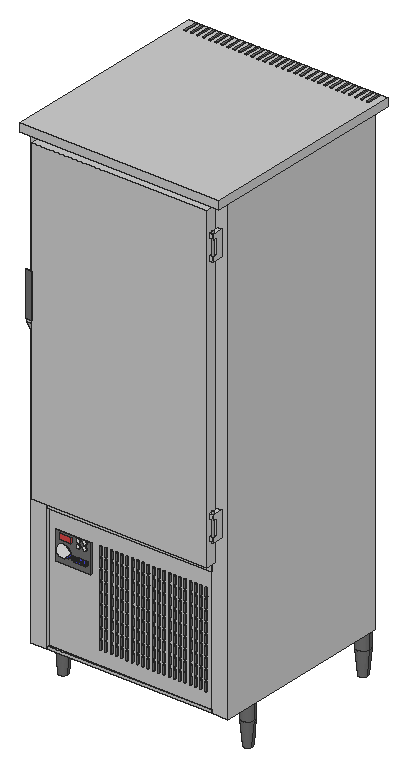
Revit family "QF_ACFRI_RS60-RL.190709092905", category Specialty Equipment, Revit 2016
Family settings
  Part Type = Normal
  Round Connector Dimension = Use Diameter
  OmniClass Number = 23.40.40.14
  OmniClass Title = Food Service Equipment
  Work Plane-Based = No
  Always vertical = Yes
  Cut with Voids When Loaded = No
  Shared = No
  Room Calculation Point = No
Parameters (values of type "RS60-RL_230V/1Ph/50Hz")
  URL catalogue = ""
  URL = "www.acfri.com"
  Type de Raccord Electrique [instance] = ""
  Type article [instance] = ""
  Tension = 230 V
  Status [instance] = ""
  Spécification technique = ""
  Spécification du Fabricant [instance] = ""
  Spécification de l'Utilisateur [instance] = ""
  SMACNA No spécifique pour les matériaux  Etats Unis = ""
  Quantité par lot [instance] = no
  Puissance électrique  = 1767 W
  Puissance en CV = ""
  Puissance Apparente = 1767 VA
  Protection de l'Appareil = 0 A
  Profondeur hors tout = 800 mm
  Poids net à vide = 194.00 kg
  Phase = 1
  Numéro de Série = ""
  Nombres de Pôles = 2
  Nombre d'identification NAFEM = ""
  Model = "RS60-RL"
  Manufacturer = "ACFRI"
  Longueur hors tout = 755 mm
  Intensité nominale courant electrique = 13 A
  Installé Par [instance] = ""
  Identifiant Equipement [instance] = no
  Hauteur hors tout = 1935 mm
  Hauteur de Raccordement du Sol Finis [instance] = 50 mm
  Hauteur de Raccordement du Sol Brut [instance] = 0 mm
  Fréquence = 50 Hz
  Fournis Par [instance] = ""
  Description = "CELLULE SÉRIE MÉDIUM À GRILLE REFROIDISSEMENT/ SURGÉLATION RAPIDE"
  Câble de connexion à l'appareil inclus = no
  Cost = 0
  Consommation d'énergie minimale = 0 A
  Connexion prise électrique  = ""
  Code de Révision [instance] = ""
  Classification dans le projet = ""
  Classement sismique = ""
  Accessoires = no
Reference planes
  plane 1 "Centre (avant/arrière)": y = 0
  plane 2: z = 0
  plane 3 "Centre (gauche/droite)": x = 0
Forms (mm)
  Extrusion 1, solid, not visible
    sketch origin (49, -2, 199) x (1, 0, 0) y (0, 1, 0)
      loop
        line (0, 0) -> (2, 0) -> (2, 2) -> (0, 2) -> (0, 0)
    from 0 to 2
Dimensions and locks
  aligned and locked: level to plane 2
Nested families
  nested 1: "QF_ACFRI_RS60-RL_230V_1Ph_50Hz" at (0, 0, 150), type "RS60-RL_230V/1Ph/50Hz"
    with Show Logo yes, Show Clearance yes
  nested 2: "QF_ACFRI_RS60_75_DOOR_RX" at (0, 0, 150), type "RS60_75_DOOR_RX"
    with Show Logo yes, Show Clearance yes
  nested 3: "QF_ACFRI_RS12_15_20_LEGS" at (0, 0, 0), type "RS12_15_20_LEGS"
    with Show Logo yes, Show Clearance yes
  nested 4: "QF_ACFRI_RS25_30_40-CP" at (0, 0, 150), type "RS25_30_40-CP"
    with Show Logo yes, Show Clearance yes
Connectors
  electrical at (50, 0, 200), driven by "Puissance Apparente", driven by "Nombres de Pôles", driven by "Tension"
    settings: on Extrusion 1, index 1, voltage 230 V, apparent load 0 VA, apparent load phase1 1767 VA, apparent load phase2 0 VA, apparent load phase3 0 VA, power factor 1, load classification "Other", number of poles 2, system type 31, power factor state 1, is connector primary yes, connector utility no, sub classification motor no, connector description "Electric connection for 'RS60-RL'"
Definition of nested family "QF_ACFRI_RS60-RL_230V_1Ph_50Hz"
  Parameters (values of type "RS60-RL_230V/1Ph/50Hz")
    URL = "www.acfri.com"
    Show Logo [instance] = yes
    Show Clearance [instance] = yes
    Model = "RS60-RL"
    Manufacturer = "ACFRI"
    Description = "12 TO 23 LEVELS -  REACH SPECIFICATION BLAST CHILLING, DEEP FREEZING CELLS"
    Assembly Code = "E1090320"
  Types (2, lengths in mm): name | Model | Description
    RS60-RL_230V/1Ph/50Hz | "RS60-RL" | "12 TO 23 LEVELS -  REACH SPECIFICATION BLAST CHILLING, DEEP FREEZING CELLS"
    RS75-RL | "RS75-RL" | "15 TO 29 LEVELS -  REACH SPECIFICATION BLAST CHILLING, DEEP FREEZING CELLS"
  Reference planes
    plane 1 "Back": y = 0
    plane 2: z = 0
    plane 3 "Left": x = 0
    plane 4 "Right": x = 755
    plane 5 "Front": y = -800
    plane 6 "Top": z = 1784.917
  Forms (mm)
    Extrusion 1, solid
      sketch origin (0, 0, -150) x (0, 1, 0) y (0, 0, 1)
        loop
          line (-56.57, 1903.957) -> (-752.05, 1903.957) -> (-752.05, 150) -> (-56.57, 150) -> (-56.57, 1903.957)
      from 3.267 to 65.187
    Extrusion 2, solid
      sketch origin (0, 0, 819.917) x (0, 1, 0) y (0, 0, 1)
        loop
          line (0, 965) -> (-800, 965) -> (-800, 934.04) -> (0, 934.04) -> (0, 965)
      from 0 to 755
    Extrusion 3, solid
      sketch origin (0, 0, 1783.917) x (1, 0, 0) y (0, 1, 0)
        loop
          line (28.646, -1.681) -> (28.646, -56.57) -> (35.372, -56.57) -> (35.372, -1.681) -> (28.646, -1.681)
        loop
          line (51.706, -1.681) -> (51.706, -56.57) -> (58.431, -56.57) -> (58.431, -1.681) -> (51.706, -1.681)
        loop
          line (74.765, -1.681) -> (74.765, -56.57) -> (81.491, -56.57) -> (81.491, -1.681) -> (74.765, -1.681)
        loop
          line (97.825, -1.681) -> (97.825, -56.57) -> (104.551, -56.57) -> (104.551, -1.681) -> (97.825, -1.681)
        loop
          line (120.885, -1.681) -> (120.885, -56.57) -> (127.611, -56.57) -> (127.611, -1.681) -> (120.885, -1.681)
        loop
          line (143.945, -1.681) -> (143.945, -56.57) -> (150.671, -56.57) -> (150.671, -1.681) -> (143.945, -1.681)
        loop
          line (167.005, -1.681) -> (167.005, -56.57) -> (173.731, -56.57) -> (173.731, -1.681) -> (167.005, -1.681)
        loop
          line (190.065, -1.681) -> (190.065, -56.57) -> (196.79, -56.57) -> (196.79, -1.681) -> (190.065, -1.681)
        loop
          line (213.124, -1.681) -> (213.124, -56.57) -> (219.85, -56.57) -> (219.85, -1.681) -> (213.124, -1.681)
        loop
          line (236.184, -1.681) -> (236.184, -56.57) -> (242.91, -56.57) -> (242.91, -1.681) -> (236.184, -1.681)
        loop
          line (259.244, -1.681) -> (259.244, -56.57) -> (265.97, -56.57) -> (265.97, -1.681) -> (259.244, -1.681)
        loop
          line (282.304, -1.681) -> (282.304, -56.57) -> (289.03, -56.57) -> (289.03, -1.681) -> (282.304, -1.681)
        loop
          line (305.364, -1.681) -> (305.364, -56.57) -> (312.09, -56.57) -> (312.09, -1.681) -> (305.364, -1.681)
        loop
          line (328.424, -1.681) -> (328.424, -56.57) -> (335.149, -56.57) -> (335.149, -1.681) -> (328.424, -1.681)
        loop
          line (351.483, -1.681) -> (351.483, -56.57) -> (358.209, -56.57) -> (358.209, -1.681) -> (351.483, -1.681)
        loop
          line (374.543, -1.681) -> (374.543, -56.57) -> (381.269, -56.57) -> (381.269, -1.681) -> (374.543, -1.681)
        loop
          line (397.603, -1.681) -> (397.603, -56.57) -> (404.329, -56.57) -> (404.329, -1.681) -> (397.603, -1.681)
        loop
          line (420.663, -1.681) -> (420.663, -56.57) -> (427.389, -56.57) -> (427.389, -1.681) -> (420.663, -1.681)
        loop
          line (443.723, -1.681) -> (443.723, -56.57) -> (450.448, -56.57) -> (450.448, -1.681) -> (443.723, -1.681)
        loop
          line (466.783, -1.681) -> (466.783, -56.57) -> (473.508, -56.57) -> (473.508, -1.681) -> (466.783, -1.681)
        loop
          line (489.842, -1.681) -> (489.842, -56.57) -> (496.568, -56.57) -> (496.568, -1.681) -> (489.842, -1.681)
        loop
          line (512.902, -1.681) -> (512.902, -56.57) -> (519.628, -56.57) -> (519.628, -1.681) -> (512.902, -1.681)
        loop
          line (535.962, -1.681) -> (535.962, -56.57) -> (542.688, -56.57) -> (542.688, -1.681) -> (535.962, -1.681)
        loop
          line (559.022, -1.681) -> (559.022, -56.57) -> (565.748, -56.57) -> (565.748, -1.681) -> (559.022, -1.681)
        loop
          line (582.082, -1.681) -> (582.082, -56.57) -> (588.807, -56.57) -> (588.807, -1.681) -> (582.082, -1.681)
        loop
          line (605.141, -1.681) -> (605.141, -56.57) -> (611.867, -56.57) -> (611.867, -1.681) -> (605.141, -1.681)
        loop
          line (628.201, -1.681) -> (628.201, -56.57) -> (634.927, -56.57) -> (634.927, -1.681) -> (628.201, -1.681)
        loop
          line (651.261, -1.681) -> (651.261, -56.57) -> (657.987, -56.57) -> (657.987, -1.681) -> (651.261, -1.681)
        loop
          line (674.321, -1.681) -> (674.321, -56.57) -> (681.047, -56.57) -> (681.047, -1.681) -> (674.321, -1.681)
        loop
          line (697.381, -1.681) -> (697.381, -56.57) -> (704.107, -56.57) -> (704.107, -1.681) -> (697.381, -1.681)
        loop
          line (720.441, -1.681) -> (720.441, -56.57) -> (727.166, -56.57) -> (727.166, -1.681) -> (720.441, -1.681)
      from 0 to 2
    Extrusion 4, solid
      sketch origin (0, -100.05, -150) x (1, 0, 0) y (0, 0, 1)
        loop
          line (44.706, 1887.724) -> (44.706, 672.113) -> (701.163, 672.113) -> (701.163, 1887.724) -> (44.706, 1887.724)
        loop
          line (65.187, 1867.419) -> (65.187, 692.419) -> (680.711, 692.419) -> (680.711, 1867.419) -> (65.187, 1867.419)
      from 652 to 662.15
    Extrusion 5, solid
      sketch origin (0, -746.05, -119.991) x (1, 0, 0) y (0, 0, 1)
        loop
          line (261.229, 454.546) -> (261.229, 427.546)
          arc (261.229, 427.546) -> (264.729, 424.046) -> (268.229, 427.546) r 3.5
          line (268.229, 427.546) -> (268.229, 454.546)
          arc (268.229, 454.546) -> (264.729, 458.046) -> (261.229, 454.546) r 3.5
        loop
          line (281.229, 454.546) -> (281.229, 427.546)
          arc (281.229, 427.546) -> (284.729, 424.046) -> (288.229, 427.546) r 3.5
          line (288.229, 427.546) -> (288.229, 454.546)
          arc (288.229, 454.546) -> (284.729, 458.046) -> (281.229, 454.546) r 3.5
        loop
          line (301.229, 454.546) -> (301.229, 427.546)
          arc (301.229, 427.546) -> (304.729, 424.046) -> (308.229, 427.546) r 3.5
          line (308.229, 427.546) -> (308.229, 454.546)
          arc (308.229, 454.546) -> (304.729, 458.046) -> (301.229, 454.546) r 3.5
        loop
          line (321.229, 454.546) -> (321.229, 427.546)
          arc (321.229, 427.546) -> (324.729, 424.046) -> (328.229, 427.546) r 3.5
          line (328.229, 427.546) -> (328.229, 454.546)
          arc (328.229, 454.546) -> (324.729, 458.046) -> (321.229, 454.546) r 3.5
        loop
          line (341.229, 454.546) -> (341.229, 427.546)
          arc (341.229, 427.546) -> (344.729, 424.046) -> (348.229, 427.546) r 3.5
          line (348.229, 427.546) -> (348.229, 454.546)
          arc (348.229, 454.546) -> (344.729, 458.046) -> (341.229, 454.546) r 3.5
        loop
          line (361.229, 454.546) -> (361.229, 427.546)
          arc (361.229, 427.546) -> (364.729, 424.046) -> (368.229, 427.546) r 3.5
          line (368.229, 427.546) -> (368.229, 454.546)
          arc (368.229, 454.546) -> (364.729, 458.046) -> (361.229, 454.546) r 3.5
        loop
          line (381.229, 454.546) -> (381.229, 427.546)
          arc (381.229, 427.546) -> (384.729, 424.046) -> (388.229, 427.546) r 3.5
          line (388.229, 427.546) -> (388.229, 454.546)
          arc (388.229, 454.546) -> (384.729, 458.046) -> (381.229, 454.546) r 3.5
        loop
          line (401.229, 454.546) -> (401.229, 427.546)
          arc (401.229, 427.546) -> (404.729, 424.046) -> (408.229, 427.546) r 3.5
          line (408.229, 427.546) -> (408.229, 454.546)
          arc (408.229, 454.546) -> (404.729, 458.046) -> (401.229, 454.546) r 3.5
        loop
          line (421.229, 454.546) -> (421.229, 427.546)
          arc (421.229, 427.546) -> (424.729, 424.046) -> (428.229, 427.546) r 3.5
          line (428.229, 427.546) -> (428.229, 454.546)
          arc (428.229, 454.546) -> (424.729, 458.046) -> (421.229, 454.546) r 3.5
        loop
          line (441.229, 454.546) -> (441.229, 427.546)
          arc (441.229, 427.546) -> (444.729, 424.046) -> (448.229, 427.546) r 3.5
          line (448.229, 427.546) -> (448.229, 454.546)
          arc (448.229, 454.546) -> (444.729, 458.046) -> (441.229, 454.546) r 3.5
        loop
          line (461.229, 454.546) -> (461.229, 427.546)
          arc (461.229, 427.546) -> (464.729, 424.046) -> (468.229, 427.546) r 3.5
          line (468.229, 427.546) -> (468.229, 454.546)
          arc (468.229, 454.546) -> (464.729, 458.046) -> (461.229, 454.546) r 3.5
        loop
          line (481.229, 454.546) -> (481.229, 427.546)
          arc (481.229, 427.546) -> (484.729, 424.046) -> (488.229, 427.546) r 3.5
          line (488.229, 427.546) -> (488.229, 454.546)
          arc (488.229, 454.546) -> (484.729, 458.046) -> (481.229, 454.546) r 3.5
        loop
          line (501.229, 454.546) -> (501.229, 427.546)
          arc (501.229, 427.546) -> (504.729, 424.046) -> (508.229, 427.546) r 3.5
          line (508.229, 427.546) -> (508.229, 454.546)
          arc (508.229, 454.546) -> (504.729, 458.046) -> (501.229, 454.546) r 3.5
        loop
          line (521.229, 454.546) -> (521.229, 427.546)
          arc (521.229, 427.546) -> (524.729, 424.046) -> (528.229, 427.546) r 3.5
          line (528.229, 427.546) -> (528.229, 454.546)
          arc (528.229, 454.546) -> (524.729, 458.046) -> (521.229, 454.546) r 3.5
        loop
          line (541.229, 454.546) -> (541.229, 427.546)
          arc (541.229, 427.546) -> (544.729, 424.046) -> (548.229, 427.546) r 3.5
          line (548.229, 427.546) -> (548.229, 454.546)
          arc (548.229, 454.546) -> (544.729, 458.046) -> (541.229, 454.546) r 3.5
        loop
          line (561.229, 454.546) -> (561.229, 427.546)
          arc (561.229, 427.546) -> (564.729, 424.046) -> (568.229, 427.546) r 3.5
          line (568.229, 427.546) -> (568.229, 454.546)
          arc (568.229, 454.546) -> (564.729, 458.046) -> (561.229, 454.546) r 3.5
        loop
          line (581.229, 454.546) -> (581.229, 427.546)
          arc (581.229, 427.546) -> (584.729, 424.046) -> (588.229, 427.546) r 3.5
          line (588.229, 427.546) -> (588.229, 454.546)
          arc (588.229, 454.546) -> (584.729, 458.046) -> (581.229, 454.546) r 3.5
        loop
          line (601.229, 454.546) -> (601.229, 427.546)
          arc (601.229, 427.546) -> (604.729, 424.046) -> (608.229, 427.546) r 3.5
          line (608.229, 427.546) -> (608.229, 454.546)
          arc (608.229, 454.546) -> (604.729, 458.046) -> (601.229, 454.546) r 3.5
        loop
          line (621.229, 454.546) -> (621.229, 427.546)
          arc (621.229, 427.546) -> (624.729, 424.046) -> (628.229, 427.546) r 3.5
          line (628.229, 427.546) -> (628.229, 454.546)
          arc (628.229, 454.546) -> (624.729, 458.046) -> (621.229, 454.546) r 3.5
        loop
          line (641.229, 454.546) -> (641.229, 427.546)
          arc (641.229, 427.546) -> (644.729, 424.046) -> (648.229, 427.546) r 3.5
          line (648.229, 427.546) -> (648.229, 454.546)
          arc (648.229, 454.546) -> (644.729, 458.046) -> (641.229, 454.546) r 3.5
        loop
          line (661.229, 454.546) -> (661.229, 427.546)
          arc (661.229, 427.546) -> (664.729, 424.046) -> (668.229, 427.546) r 3.5
          line (668.229, 427.546) -> (668.229, 454.546)
          arc (668.229, 454.546) -> (664.729, 458.046) -> (661.229, 454.546) r 3.5
        loop
          line (261.229, 414.546) -> (261.229, 387.546)
          arc (261.229, 387.546) -> (264.729, 384.046) -> (268.229, 387.546) r 3.5
          line (268.229, 387.546) -> (268.229, 414.546)
          arc (268.229, 414.546) -> (264.729, 418.046) -> (261.229, 414.546) r 3.5
        loop
          line (281.229, 414.546) -> (281.229, 387.546)
          arc (281.229, 387.546) -> (284.729, 384.046) -> (288.229, 387.546) r 3.5
          line (288.229, 387.546) -> (288.229, 414.546)
          arc (288.229, 414.546) -> (284.729, 418.046) -> (281.229, 414.546) r 3.5
        loop
          line (301.229, 414.546) -> (301.229, 387.546)
          arc (301.229, 387.546) -> (304.729, 384.046) -> (308.229, 387.546) r 3.5
          line (308.229, 387.546) -> (308.229, 414.546)
          arc (308.229, 414.546) -> (304.729, 418.046) -> (301.229, 414.546) r 3.5
        loop
          line (321.229, 414.546) -> (321.229, 387.546)
          arc (321.229, 387.546) -> (324.729, 384.046) -> (328.229, 387.546) r 3.5
          line (328.229, 387.546) -> (328.229, 414.546)
          arc (328.229, 414.546) -> (324.729, 418.046) -> (321.229, 414.546) r 3.5
        loop
          line (341.229, 414.546) -> (341.229, 387.546)
          arc (341.229, 387.546) -> (344.729, 384.046) -> (348.229, 387.546) r 3.5
          line (348.229, 387.546) -> (348.229, 414.546)
          arc (348.229, 414.546) -> (344.729, 418.046) -> (341.229, 414.546) r 3.5
        loop
          line (361.229, 414.546) -> (361.229, 387.546)
          arc (361.229, 387.546) -> (364.729, 384.046) -> (368.229, 387.546) r 3.5
          line (368.229, 387.546) -> (368.229, 414.546)
          arc (368.229, 414.546) -> (364.729, 418.046) -> (361.229, 414.546) r 3.5
        loop
          line (381.229, 414.546) -> (381.229, 387.546)
          arc (381.229, 387.546) -> (384.729, 384.046) -> (388.229, 387.546) r 3.5
          line (388.229, 387.546) -> (388.229, 414.546)
          arc (388.229, 414.546) -> (384.729, 418.046) -> (381.229, 414.546) r 3.5
        loop
          line (401.229, 414.546) -> (401.229, 387.546)
          arc (401.229, 387.546) -> (404.729, 384.046) -> (408.229, 387.546) r 3.5
          line (408.229, 387.546) -> (408.229, 414.546)
          arc (408.229, 414.546) -> (404.729, 418.046) -> (401.229, 414.546) r 3.5
        loop
          line (421.229, 414.546) -> (421.229, 387.546)
          arc (421.229, 387.546) -> (424.729, 384.046) -> (428.229, 387.546) r 3.5
          line (428.229, 387.546) -> (428.229, 414.546)
          arc (428.229, 414.546) -> (424.729, 418.046) -> (421.229, 414.546) r 3.5
        loop
          line (441.229, 414.546) -> (441.229, 387.546)
          arc (441.229, 387.546) -> (444.729, 384.046) -> (448.229, 387.546) r 3.5
          line (448.229, 387.546) -> (448.229, 414.546)
          arc (448.229, 414.546) -> (444.729, 418.046) -> (441.229, 414.546) r 3.5
        loop
          line (461.229, 414.546) -> (461.229, 387.546)
          arc (461.229, 387.546) -> (464.729, 384.046) -> (468.229, 387.546) r 3.5
          line (468.229, 387.546) -> (468.229, 414.546)
          arc (468.229, 414.546) -> (464.729, 418.046) -> (461.229, 414.546) r 3.5
        loop
          line (481.229, 414.546) -> (481.229, 387.546)
          arc (481.229, 387.546) -> (484.729, 384.046) -> (488.229, 387.546) r 3.5
          line (488.229, 387.546) -> (488.229, 414.546)
          arc (488.229, 414.546) -> (484.729, 418.046) -> (481.229, 414.546) r 3.5
        loop
          line (501.229, 414.546) -> (501.229, 387.546)
          arc (501.229, 387.546) -> (504.729, 384.046) -> (508.229, 387.546) r 3.5
          line (508.229, 387.546) -> (508.229, 414.546)
          arc (508.229, 414.546) -> (504.729, 418.046) -> (501.229, 414.546) r 3.5
        loop
          line (521.229, 414.546) -> (521.229, 387.546)
          arc (521.229, 387.546) -> (524.729, 384.046) -> (528.229, 387.546) r 3.5
          line (528.229, 387.546) -> (528.229, 414.546)
          arc (528.229, 414.546) -> (524.729, 418.046) -> (521.229, 414.546) r 3.5
        loop
          line (541.229, 414.546) -> (541.229, 387.546)
          arc (541.229, 387.546) -> (544.729, 384.046) -> (548.229, 387.546) r 3.5
          line (548.229, 387.546) -> (548.229, 414.546)
          arc (548.229, 414.546) -> (544.729, 418.046) -> (541.229, 414.546) r 3.5
        loop
          line (561.229, 414.546) -> (561.229, 387.546)
          arc (561.229, 387.546) -> (564.729, 384.046) -> (568.229, 387.546) r 3.5
          line (568.229, 387.546) -> (568.229, 414.546)
          arc (568.229, 414.546) -> (564.729, 418.046) -> (561.229, 414.546) r 3.5
        loop
          line (581.229, 414.546) -> (581.229, 387.546)
          arc (581.229, 387.546) -> (584.729, 384.046) -> (588.229, 387.546) r 3.5
          line (588.229, 387.546) -> (588.229, 414.546)
          arc (588.229, 414.546) -> (584.729, 418.046) -> (581.229, 414.546) r 3.5
        loop
          line (601.229, 414.546) -> (601.229, 387.546)
          arc (601.229, 387.546) -> (604.729, 384.046) -> (608.229, 387.546) r 3.5
          line (608.229, 387.546) -> (608.229, 414.546)
          arc (608.229, 414.546) -> (604.729, 418.046) -> (601.229, 414.546) r 3.5
        loop
          line (621.229, 414.546) -> (621.229, 387.546)
          arc (621.229, 387.546) -> (624.729, 384.046) -> (628.229, 387.546) r 3.5
          line (628.229, 387.546) -> (628.229, 414.546)
          arc (628.229, 414.546) -> (624.729, 418.046) -> (621.229, 414.546) r 3.5
        loop
          line (641.229, 414.546) -> (641.229, 387.546)
          arc (641.229, 387.546) -> (644.729, 384.046) -> (648.229, 387.546) r 3.5
          line (648.229, 387.546) -> (648.229, 414.546)
          arc (648.229, 414.546) -> (644.729, 418.046) -> (641.229, 414.546) r 3.5
        loop
          line (661.229, 414.546) -> (661.229, 387.546)
          arc (661.229, 387.546) -> (664.729, 384.046) -> (668.229, 387.546) r 3.5
          line (668.229, 387.546) -> (668.229, 414.546)
          arc (668.229, 414.546) -> (664.729, 418.046) -> (661.229, 414.546) r 3.5
        loop
          line (261.229, 374.546) -> (261.229, 347.546)
          arc (261.229, 347.546) -> (264.729, 344.046) -> (268.229, 347.546) r 3.5
          line (268.229, 347.546) -> (268.229, 374.546)
          arc (268.229, 374.546) -> (264.729, 378.046) -> (261.229, 374.546) r 3.5
        loop
          line (281.229, 374.546) -> (281.229, 347.546)
          arc (281.229, 347.546) -> (284.729, 344.046) -> (288.229, 347.546) r 3.5
          line (288.229, 347.546) -> (288.229, 374.546)
          arc (288.229, 374.546) -> (284.729, 378.046) -> (281.229, 374.546) r 3.5
        loop
          line (301.229, 374.546) -> (301.229, 347.546)
          arc (301.229, 347.546) -> (304.729, 344.046) -> (308.229, 347.546) r 3.5
          line (308.229, 347.546) -> (308.229, 374.546)
          arc (308.229, 374.546) -> (304.729, 378.046) -> (301.229, 374.546) r 3.5
        loop
          line (321.229, 374.546) -> (321.229, 347.546)
          arc (321.229, 347.546) -> (324.729, 344.046) -> (328.229, 347.546) r 3.5
          line (328.229, 347.546) -> (328.229, 374.546)
          arc (328.229, 374.546) -> (324.729, 378.046) -> (321.229, 374.546) r 3.5
        loop
          line (341.229, 374.546) -> (341.229, 347.546)
          arc (341.229, 347.546) -> (344.729, 344.046) -> (348.229, 347.546) r 3.5
          line (348.229, 347.546) -> (348.229, 374.546)
          arc (348.229, 374.546) -> (344.729, 378.046) -> (341.229, 374.546) r 3.5
        loop
          line (361.229, 374.546) -> (361.229, 347.546)
          arc (361.229, 347.546) -> (364.729, 344.046) -> (368.229, 347.546) r 3.5
          line (368.229, 347.546) -> (368.229, 374.546)
          arc (368.229, 374.546) -> (364.729, 378.046) -> (361.229, 374.546) r 3.5
        loop
          line (381.229, 374.546) -> (381.229, 347.546)
          arc (381.229, 347.546) -> (384.729, 344.046) -> (388.229, 347.546) r 3.5
          line (388.229, 347.546) -> (388.229, 374.546)
          arc (388.229, 374.546) -> (384.729, 378.046) -> (381.229, 374.546) r 3.5
        loop
          line (401.229, 374.546) -> (401.229, 347.546)
          arc (401.229, 347.546) -> (404.729, 344.046) -> (408.229, 347.546) r 3.5
          line (408.229, 347.546) -> (408.229, 374.546)
          arc (408.229, 374.546) -> (404.729, 378.046) -> (401.229, 374.546) r 3.5
        loop
          line (421.229, 374.546) -> (421.229, 347.546)
          arc (421.229, 347.546) -> (424.729, 344.046) -> (428.229, 347.546) r 3.5
          line (428.229, 347.546) -> (428.229, 374.546)
          arc (428.229, 374.546) -> (424.729, 378.046) -> (421.229, 374.546) r 3.5
        loop
          line (441.229, 374.546) -> (441.229, 347.546)
          arc (441.229, 347.546) -> (444.729, 344.046) -> (448.229, 347.546) r 3.5
          line (448.229, 347.546) -> (448.229, 374.546)
          arc (448.229, 374.546) -> (444.729, 378.046) -> (441.229, 374.546) r 3.5
        loop
          line (461.229, 374.546) -> (461.229, 347.546)
          arc (461.229, 347.546) -> (464.729, 344.046) -> (468.229, 347.546) r 3.5
          line (468.229, 347.546) -> (468.229, 374.546)
          arc (468.229, 374.546) -> (464.729, 378.046) -> (461.229, 374.546) r 3.5
        loop
          line (481.229, 374.546) -> (481.229, 347.546)
          arc (481.229, 347.546) -> (484.729, 344.046) -> (488.229, 347.546) r 3.5
          line (488.229, 347.546) -> (488.229, 374.546)
          arc (488.229, 374.546) -> (484.729, 378.046) -> (481.229, 374.546) r 3.5
        loop
          line (501.229, 374.546) -> (501.229, 347.546)
          arc (501.229, 347.546) -> (504.729, 344.046) -> (508.229, 347.546) r 3.5
          line (508.229, 347.546) -> (508.229, 374.546)
          arc (508.229, 374.546) -> (504.729, 378.046) -> (501.229, 374.546) r 3.5
        loop
          line (521.229, 374.546) -> (521.229, 347.546)
          arc (521.229, 347.546) -> (524.729, 344.046) -> (528.229, 347.546) r 3.5
          line (528.229, 347.546) -> (528.229, 374.546)
          arc (528.229, 374.546) -> (524.729, 378.046) -> (521.229, 374.546) r 3.5
        loop
          line (541.229, 374.546) -> (541.229, 347.546)
          arc (541.229, 347.546) -> (544.729, 344.046) -> (548.229, 347.546) r 3.5
          line (548.229, 347.546) -> (548.229, 374.546)
          arc (548.229, 374.546) -> (544.729, 378.046) -> (541.229, 374.546) r 3.5
        loop
          line (561.229, 374.546) -> (561.229, 347.546)
          arc (561.229, 347.546) -> (564.729, 344.046) -> (568.229, 347.546) r 3.5
          line (568.229, 347.546) -> (568.229, 374.546)
          arc (568.229, 374.546) -> (564.729, 378.046) -> (561.229, 374.546) r 3.5
        loop
          line (581.229, 374.546) -> (581.229, 347.546)
          arc (581.229, 347.546) -> (584.729, 344.046) -> (588.229, 347.546) r 3.5
          line (588.229, 347.546) -> (588.229, 374.546)
          arc (588.229, 374.546) -> (584.729, 378.046) -> (581.229, 374.546) r 3.5
        loop
          line (601.229, 374.546) -> (601.229, 347.546)
          arc (601.229, 347.546) -> (604.729, 344.046) -> (608.229, 347.546) r 3.5
          line (608.229, 347.546) -> (608.229, 374.546)
          arc (608.229, 374.546) -> (604.729, 378.046) -> (601.229, 374.546) r 3.5
        loop
          line (621.229, 374.546) -> (621.229, 347.546)
          arc (621.229, 347.546) -> (624.729, 344.046) -> (628.229, 347.546) r 3.5
          line (628.229, 347.546) -> (628.229, 374.546)
          arc (628.229, 374.546) -> (624.729, 378.046) -> (621.229, 374.546) r 3.5
        loop
          line (641.229, 374.546) -> (641.229, 347.546)
          arc (641.229, 347.546) -> (644.729, 344.046) -> (648.229, 347.546) r 3.5
          line (648.229, 347.546) -> (648.229, 374.546)
          arc (648.229, 374.546) -> (644.729, 378.046) -> (641.229, 374.546) r 3.5
        loop
          line (661.229, 374.546) -> (661.229, 347.546)
          arc (661.229, 347.546) -> (664.729, 344.046) -> (668.229, 347.546) r 3.5
          line (668.229, 347.546) -> (668.229, 374.546)
          arc (668.229, 374.546) -> (664.729, 378.046) -> (661.229, 374.546) r 3.5
        loop
          line (261.229, 334.546) -> (261.229, 307.546)
          arc (261.229, 307.546) -> (264.729, 304.046) -> (268.229, 307.546) r 3.5
          line (268.229, 307.546) -> (268.229, 334.546)
          arc (268.229, 334.546) -> (264.729, 338.046) -> (261.229, 334.546) r 3.5
        loop
          line (281.229, 334.546) -> (281.229, 307.546)
          arc (281.229, 307.546) -> (284.729, 304.046) -> (288.229, 307.546) r 3.5
          line (288.229, 307.546) -> (288.229, 334.546)
          arc (288.229, 334.546) -> (284.729, 338.046) -> (281.229, 334.546) r 3.5
        loop
          line (301.229, 334.546) -> (301.229, 307.546)
          arc (301.229, 307.546) -> (304.729, 304.046) -> (308.229, 307.546) r 3.5
          line (308.229, 307.546) -> (308.229, 334.546)
          arc (308.229, 334.546) -> (304.729, 338.046) -> (301.229, 334.546) r 3.5
        loop
          line (321.229, 334.546) -> (321.229, 307.546)
          arc (321.229, 307.546) -> (324.729, 304.046) -> (328.229, 307.546) r 3.5
          line (328.229, 307.546) -> (328.229, 334.546)
          arc (328.229, 334.546) -> (324.729, 338.046) -> (321.229, 334.546) r 3.5
        loop
          line (341.229, 334.546) -> (341.229, 307.546)
          arc (341.229, 307.546) -> (344.729, 304.046) -> (348.229, 307.546) r 3.5
          line (348.229, 307.546) -> (348.229, 334.546)
          arc (348.229, 334.546) -> (344.729, 338.046) -> (341.229, 334.546) r 3.5
        loop
          line (361.229, 334.546) -> (361.229, 307.546)
          arc (361.229, 307.546) -> (364.729, 304.046) -> (368.229, 307.546) r 3.5
          line (368.229, 307.546) -> (368.229, 334.546)
          arc (368.229, 334.546) -> (364.729, 338.046) -> (361.229, 334.546) r 3.5
        loop
          line (381.229, 334.546) -> (381.229, 307.546)
          arc (381.229, 307.546) -> (384.729, 304.046) -> (388.229, 307.546) r 3.5
          line (388.229, 307.546) -> (388.229, 334.546)
          arc (388.229, 334.546) -> (384.729, 338.046) -> (381.229, 334.546) r 3.5
        loop
          line (401.229, 334.546) -> (401.229, 307.546)
          arc (401.229, 307.546) -> (404.729, 304.046) -> (408.229, 307.546) r 3.5
          line (408.229, 307.546) -> (408.229, 334.546)
          arc (408.229, 334.546) -> (404.729, 338.046) -> (401.229, 334.546) r 3.5
        loop
          line (421.229, 334.546) -> (421.229, 307.546)
          arc (421.229, 307.546) -> (424.729, 304.046) -> (428.229, 307.546) r 3.5
          line (428.229, 307.546) -> (428.229, 334.546)
          arc (428.229, 334.546) -> (424.729, 338.046) -> (421.229, 334.546) r 3.5
        loop
          line (441.229, 334.546) -> (441.229, 307.546)
          arc (441.229, 307.546) -> (444.729, 304.046) -> (448.229, 307.546) r 3.5
          line (448.229, 307.546) -> (448.229, 334.546)
          arc (448.229, 334.546) -> (444.729, 338.046) -> (441.229, 334.546) r 3.5
        loop
          line (461.229, 334.546) -> (461.229, 307.546)
          arc (461.229, 307.546) -> (464.729, 304.046) -> (468.229, 307.546) r 3.5
          line (468.229, 307.546) -> (468.229, 334.546)
          arc (468.229, 334.546) -> (464.729, 338.046) -> (461.229, 334.546) r 3.5
        loop
          line (481.229, 334.546) -> (481.229, 307.546)
          arc (481.229, 307.546) -> (484.729, 304.046) -> (488.229, 307.546) r 3.5
          line (488.229, 307.546) -> (488.229, 334.546)
          arc (488.229, 334.546) -> (484.729, 338.046) -> (481.229, 334.546) r 3.5
        loop
          line (501.229, 334.546) -> (501.229, 307.546)
          arc (501.229, 307.546) -> (504.729, 304.046) -> (508.229, 307.546) r 3.5
          line (508.229, 307.546) -> (508.229, 334.546)
          arc (508.229, 334.546) -> (504.729, 338.046) -> (501.229, 334.546) r 3.5
        loop
          line (521.229, 334.546) -> (521.229, 307.546)
          arc (521.229, 307.546) -> (524.729, 304.046) -> (528.229, 307.546) r 3.5
          line (528.229, 307.546) -> (528.229, 334.546)
          arc (528.229, 334.546) -> (524.729, 338.046) -> (521.229, 334.546) r 3.5
        loop
          line (541.229, 334.546) -> (541.229, 307.546)
          arc (541.229, 307.546) -> (544.729, 304.046) -> (548.229, 307.546) r 3.5
          line (548.229, 307.546) -> (548.229, 334.546)
          arc (548.229, 334.546) -> (544.729, 338.046) -> (541.229, 334.546) r 3.5
        loop
          line (561.229, 334.546) -> (561.229, 307.546)
          arc (561.229, 307.546) -> (564.729, 304.046) -> (568.229, 307.546) r 3.5
          line (568.229, 307.546) -> (568.229, 334.546)
          arc (568.229, 334.546) -> (564.729, 338.046) -> (561.229, 334.546) r 3.5
        loop
          line (581.229, 334.546) -> (581.229, 307.546)
          arc (581.229, 307.546) -> (584.729, 304.046) -> (588.229, 307.546) r 3.5
          line (588.229, 307.546) -> (588.229, 334.546)
          arc (588.229, 334.546) -> (584.729, 338.046) -> (581.229, 334.546) r 3.5
        loop
          line (601.229, 334.546) -> (601.229, 307.546)
          arc (601.229, 307.546) -> (604.729, 304.046) -> (608.229, 307.546) r 3.5
          line (608.229, 307.546) -> (608.229, 334.546)
          arc (608.229, 334.546) -> (604.729, 338.046) -> (601.229, 334.546) r 3.5
        loop
          line (621.229, 334.546) -> (621.229, 307.546)
          arc (621.229, 307.546) -> (624.729, 304.046) -> (628.229, 307.546) r 3.5
          line (628.229, 307.546) -> (628.229, 334.546)
          arc (628.229, 334.546) -> (624.729, 338.046) -> (621.229, 334.546) r 3.5
        loop
          line (641.229, 334.546) -> (641.229, 307.546)
          arc (641.229, 307.546) -> (644.729, 304.046) -> (648.229, 307.546) r 3.5
          line (648.229, 307.546) -> (648.229, 334.546)
          arc (648.229, 334.546) -> (644.729, 338.046) -> (641.229, 334.546) r 3.5
        loop
          line (661.229, 334.546) -> (661.229, 307.546)
          arc (661.229, 307.546) -> (664.729, 304.046) -> (668.229, 307.546) r 3.5
          line (668.229, 307.546) -> (668.229, 334.546)
          arc (668.229, 334.546) -> (664.729, 338.046) -> (661.229, 334.546) r 3.5
        loop
          line (261.229, 294.546) -> (261.229, 267.546)
          arc (261.229, 267.546) -> (264.729, 264.046) -> (268.229, 267.546) r 3.5
          line (268.229, 267.546) -> (268.229, 294.546)
          arc (268.229, 294.546) -> (264.729, 298.046) -> (261.229, 294.546) r 3.5
        loop
          line (281.229, 294.546) -> (281.229, 267.546)
          arc (281.229, 267.546) -> (284.729, 264.046) -> (288.229, 267.546) r 3.5
          line (288.229, 267.546) -> (288.229, 294.546)
          arc (288.229, 294.546) -> (284.729, 298.046) -> (281.229, 294.546) r 3.5
        loop
          line (301.229, 294.546) -> (301.229, 267.546)
          arc (301.229, 267.546) -> (304.729, 264.046) -> (308.229, 267.546) r 3.5
          line (308.229, 267.546) -> (308.229, 294.546)
          arc (308.229, 294.546) -> (304.729, 298.046) -> (301.229, 294.546) r 3.5
        loop
          line (321.229, 294.546) -> (321.229, 267.546)
          arc (321.229, 267.546) -> (324.729, 264.046) -> (328.229, 267.546) r 3.5
          line (328.229, 267.546) -> (328.229, 294.546)
          arc (328.229, 294.546) -> (324.729, 298.046) -> (321.229, 294.546) r 3.5
        loop
          line (341.229, 294.546) -> (341.229, 267.546)
          arc (341.229, 267.546) -> (344.729, 264.046) -> (348.229, 267.546) r 3.5
          line (348.229, 267.546) -> (348.229, 294.546)
          arc (348.229, 294.546) -> (344.729, 298.046) -> (341.229, 294.546) r 3.5
        loop
          line (361.229, 294.546) -> (361.229, 267.546)
          arc (361.229, 267.546) -> (364.729, 264.046) -> (368.229, 267.546) r 3.5
          line (368.229, 267.546) -> (368.229, 294.546)
          arc (368.229, 294.546) -> (364.729, 298.046) -> (361.229, 294.546) r 3.5
        loop
          line (381.229, 294.546) -> (381.229, 267.546)
          arc (381.229, 267.546) -> (384.729, 264.046) -> (388.229, 267.546) r 3.5
          line (388.229, 267.546) -> (388.229, 294.546)
          arc (388.229, 294.546) -> (384.729, 298.046) -> (381.229, 294.546) r 3.5
        loop
          line (401.229, 294.546) -> (401.229, 267.546)
          arc (401.229, 267.546) -> (404.729, 264.046) -> (408.229, 267.546) r 3.5
          line (408.229, 267.546) -> (408.229, 294.546)
          arc (408.229, 294.546) -> (404.729, 298.046) -> (401.229, 294.546) r 3.5
        loop
          line (421.229, 294.546) -> (421.229, 267.546)
          arc (421.229, 267.546) -> (424.729, 264.046) -> (428.229, 267.546) r 3.5
          line (428.229, 267.546) -> (428.229, 294.546)
          arc (428.229, 294.546) -> (424.729, 298.046) -> (421.229, 294.546) r 3.5
        loop
          line (441.229, 294.546) -> (441.229, 267.546)
          arc (441.229, 267.546) -> (444.729, 264.046) -> (448.229, 267.546) r 3.5
          line (448.229, 267.546) -> (448.229, 294.546)
          arc (448.229, 294.546) -> (444.729, 298.046) -> (441.229, 294.546) r 3.5
        loop
          line (461.229, 294.546) -> (461.229, 267.546)
          arc (461.229, 267.546) -> (464.729, 264.046) -> (468.229, 267.546) r 3.5
          line (468.229, 267.546) -> (468.229, 294.546)
          arc (468.229, 294.546) -> (464.729, 298.046) -> (461.229, 294.546) r 3.5
        loop
          line (481.229, 294.546) -> (481.229, 267.546)
          arc (481.229, 267.546) -> (484.729, 264.046) -> (488.229, 267.546) r 3.5
          line (488.229, 267.546) -> (488.229, 294.546)
          arc (488.229, 294.546) -> (484.729, 298.046) -> (481.229, 294.546) r 3.5
        loop
          line (501.229, 294.546) -> (501.229, 267.546)
          arc (501.229, 267.546) -> (504.729, 264.046) -> (508.229, 267.546) r 3.5
          line (508.229, 267.546) -> (508.229, 294.546)
          arc (508.229, 294.546) -> (504.729, 298.046) -> (501.229, 294.546) r 3.5
        loop
          line (521.229, 294.546) -> (521.229, 267.546)
          arc (521.229, 267.546) -> (524.729, 264.046) -> (528.229, 267.546) r 3.5
          line (528.229, 267.546) -> (528.229, 294.546)
          arc (528.229, 294.546) -> (524.729, 298.046) -> (521.229, 294.546) r 3.5
        loop
          line (541.229, 294.546) -> (541.229, 267.546)
          arc (541.229, 267.546) -> (544.729, 264.046) -> (548.229, 267.546) r 3.5
          line (548.229, 267.546) -> (548.229, 294.546)
          arc (548.229, 294.546) -> (544.729, 298.046) -> (541.229, 294.546) r 3.5
        loop
          line (561.229, 294.546) -> (561.229, 267.546)
          arc (561.229, 267.546) -> (564.729, 264.046) -> (568.229, 267.546) r 3.5
          line (568.229, 267.546) -> (568.229, 294.546)
          arc (568.229, 294.546) -> (564.729, 298.046) -> (561.229, 294.546) r 3.5
        loop
          line (581.229, 294.546) -> (581.229, 267.546)
          arc (581.229, 267.546) -> (584.729, 264.046) -> (588.229, 267.546) r 3.5
          line (588.229, 267.546) -> (588.229, 294.546)
          arc (588.229, 294.546) -> (584.729, 298.046) -> (581.229, 294.546) r 3.5
        loop
          line (601.229, 294.546) -> (601.229, 267.546)
          arc (601.229, 267.546) -> (604.729, 264.046) -> (608.229, 267.546) r 3.5
          line (608.229, 267.546) -> (608.229, 294.546)
          arc (608.229, 294.546) -> (604.729, 298.046) -> (601.229, 294.546) r 3.5
        loop
          line (621.229, 294.546) -> (621.229, 267.546)
          arc (621.229, 267.546) -> (624.729, 264.046) -> (628.229, 267.546) r 3.5
          line (628.229, 267.546) -> (628.229, 294.546)
          arc (628.229, 294.546) -> (624.729, 298.046) -> (621.229, 294.546) r 3.5
        loop
          line (641.229, 294.546) -> (641.229, 267.546)
          arc (641.229, 267.546) -> (644.729, 264.046) -> (648.229, 267.546) r 3.5
          line (648.229, 267.546) -> (648.229, 294.546)
          arc (648.229, 294.546) -> (644.729, 298.046) -> (641.229, 294.546) r 3.5
        loop
          line (661.229, 294.546) -> (661.229, 267.546)
          arc (661.229, 267.546) -> (664.729, 264.046) -> (668.229, 267.546) r 3.5
          line (668.229, 267.546) -> (668.229, 294.546)
          arc (668.229, 294.546) -> (664.729, 298.046) -> (661.229, 294.546) r 3.5
        loop
          line (261.229, 254.546) -> (261.229, 227.546)
          arc (261.229, 227.546) -> (264.729, 224.046) -> (268.229, 227.546) r 3.5
          line (268.229, 227.546) -> (268.229, 254.546)
          arc (268.229, 254.546) -> (264.729, 258.046) -> (261.229, 254.546) r 3.5
        loop
          line (281.229, 254.546) -> (281.229, 227.546)
          arc (281.229, 227.546) -> (284.729, 224.046) -> (288.229, 227.546) r 3.5
          line (288.229, 227.546) -> (288.229, 254.546)
          arc (288.229, 254.546) -> (284.729, 258.046) -> (281.229, 254.546) r 3.5
        loop
          line (301.229, 254.546) -> (301.229, 227.546)
          arc (301.229, 227.546) -> (304.729, 224.046) -> (308.229, 227.546) r 3.5
          line (308.229, 227.546) -> (308.229, 254.546)
          arc (308.229, 254.546) -> (304.729, 258.046) -> (301.229, 254.546) r 3.5
        loop
          line (321.229, 254.546) -> (321.229, 227.546)
          arc (321.229, 227.546) -> (324.729, 224.046) -> (328.229, 227.546) r 3.5
          line (328.229, 227.546) -> (328.229, 254.546)
          arc (328.229, 254.546) -> (324.729, 258.046) -> (321.229, 254.546) r 3.5
        loop
          line (341.229, 254.546) -> (341.229, 227.546)
          arc (341.229, 227.546) -> (344.729, 224.046) -> (348.229, 227.546) r 3.5
          line (348.229, 227.546) -> (348.229, 254.546)
          arc (348.229, 254.546) -> (344.729, 258.046) -> (341.229, 254.546) r 3.5
        loop
          line (361.229, 254.546) -> (361.229, 227.546)
          arc (361.229, 227.546) -> (364.729, 224.046) -> (368.229, 227.546) r 3.5
          line (368.229, 227.546) -> (368.229, 254.546)
          arc (368.229, 254.546) -> (364.729, 258.046) -> (361.229, 254.546) r 3.5
        loop
          line (381.229, 254.546) -> (381.229, 227.546)
          arc (381.229, 227.546) -> (384.729, 224.046) -> (388.229, 227.546) r 3.5
          line (388.229, 227.546) -> (388.229, 254.546)
          arc (388.229, 254.546) -> (384.729, 258.046) -> (381.229, 254.546) r 3.5
        loop
          line (401.229, 254.546) -> (401.229, 227.546)
          arc (401.229, 227.546) -> (404.729, 224.046) -> (408.229, 227.546) r 3.5
          line (408.229, 227.546) -> (408.229, 254.546)
          arc (408.229, 254.546) -> (404.729, 258.046) -> (401.229, 254.546) r 3.5
        loop
          line (421.229, 254.546) -> (421.229, 227.546)
          arc (421.229, 227.546) -> (424.729, 224.046) -> (428.229, 227.546) r 3.5
          line (428.229, 227.546) -> (428.229, 254.546)
          arc (428.229, 254.546) -> (424.729, 258.046) -> (421.229, 254.546) r 3.5
        loop
          line (441.229, 254.546) -> (441.229, 227.546)
          arc (441.229, 227.546) -> (444.729, 224.046) -> (448.229, 227.546) r 3.5
          line (448.229, 227.546) -> (448.229, 254.546)
          arc (448.229, 254.546) -> (444.729, 258.046) -> (441.229, 254.546) r 3.5
        loop
          line (461.229, 254.546) -> (461.229, 227.546)
          arc (461.229, 227.546) -> (464.729, 224.046) -> (468.229, 227.546) r 3.5
          line (468.229, 227.546) -> (468.229, 254.546)
          arc (468.229, 254.546) -> (464.729, 258.046) -> (461.229, 254.546) r 3.5
        loop
          line (481.229, 254.546) -> (481.229, 227.546)
          arc (481.229, 227.546) -> (484.729, 224.046) -> (488.229, 227.546) r 3.5
          line (488.229, 227.546) -> (488.229, 254.546)
          arc (488.229, 254.546) -> (484.729, 258.046) -> (481.229, 254.546) r 3.5
        loop
          line (501.229, 254.546) -> (501.229, 227.546)
          arc (501.229, 227.546) -> (504.729, 224.046) -> (508.229, 227.546) r 3.5
          line (508.229, 227.546) -> (508.229, 254.546)
          arc (508.229, 254.546) -> (504.729, 258.046) -> (501.229, 254.546) r 3.5
        loop
          line (521.229, 254.546) -> (521.229, 227.546)
          arc (521.229, 227.546) -> (524.729, 224.046) -> (528.229, 227.546) r 3.5
          line (528.229, 227.546) -> (528.229, 254.546)
          arc (528.229, 254.546) -> (524.729, 258.046) -> (521.229, 254.546) r 3.5
        loop
          line (541.229, 254.546) -> (541.229, 227.546)
          arc (541.229, 227.546) -> (544.729, 224.046) -> (548.229, 227.546) r 3.5
          line (548.229, 227.546) -> (548.229, 254.546)
          arc (548.229, 254.546) -> (544.729, 258.046) -> (541.229, 254.546) r 3.5
        loop
          line (561.229, 254.546) -> (561.229, 227.546)
          arc (561.229, 227.546) -> (564.729, 224.046) -> (568.229, 227.546) r 3.5
          line (568.229, 227.546) -> (568.229, 254.546)
          arc (568.229, 254.546) -> (564.729, 258.046) -> (561.229, 254.546) r 3.5
        loop
          line (581.229, 254.546) -> (581.229, 227.546)
          arc (581.229, 227.546) -> (584.729, 224.046) -> (588.229, 227.546) r 3.5
          line (588.229, 227.546) -> (588.229, 254.546)
          arc (588.229, 254.546) -> (584.729, 258.046) -> (581.229, 254.546) r 3.5
        loop
          line (601.229, 254.546) -> (601.229, 227.546)
          arc (601.229, 227.546) -> (604.729, 224.046) -> (608.229, 227.546) r 3.5
          line (608.229, 227.546) -> (608.229, 254.546)
          arc (608.229, 254.546) -> (604.729, 258.046) -> (601.229, 254.546) r 3.5
        loop
          line (621.229, 254.546) -> (621.229, 227.546)
          arc (621.229, 227.546) -> (624.729, 224.046) -> (628.229, 227.546) r 3.5
          line (628.229, 227.546) -> (628.229, 254.546)
          arc (628.229, 254.546) -> (624.729, 258.046) -> (621.229, 254.546) r 3.5
        loop
          line (641.229, 254.546) -> (641.229, 227.546)
          arc (641.229, 227.546) -> (644.729, 224.046) -> (648.229, 227.546) r 3.5
          line (648.229, 227.546) -> (648.229, 254.546)
          arc (648.229, 254.546) -> (644.729, 258.046) -> (641.229, 254.546) r 3.5
        loop
          line (661.229, 254.546) -> (661.229, 227.546)
          arc (661.229, 227.546) -> (664.729, 224.046) -> (668.229, 227.546) r 3.5
          line (668.229, 227.546) -> (668.229, 254.546)
          arc (668.229, 254.546) -> (664.729, 258.046) -> (661.229, 254.546) r 3.5
        loop
          line (261.229, 214.546) -> (261.229, 187.546)
          arc (261.229, 187.546) -> (264.729, 184.046) -> (268.229, 187.546) r 3.5
          line (268.229, 187.546) -> (268.229, 214.546)
          arc (268.229, 214.546) -> (264.729, 218.046) -> (261.229, 214.546) r 3.5
        loop
          line (281.229, 214.546) -> (281.229, 187.546)
          arc (281.229, 187.546) -> (284.729, 184.046) -> (288.229, 187.546) r 3.5
          line (288.229, 187.546) -> (288.229, 214.546)
          arc (288.229, 214.546) -> (284.729, 218.046) -> (281.229, 214.546) r 3.5
        loop
          line (301.229, 214.546) -> (301.229, 187.546)
          arc (301.229, 187.546) -> (304.729, 184.046) -> (308.229, 187.546) r 3.5
          line (308.229, 187.546) -> (308.229, 214.546)
          arc (308.229, 214.546) -> (304.729, 218.046) -> (301.229, 214.546) r 3.5
        loop
          line (321.229, 214.546) -> (321.229, 187.546)
          arc (321.229, 187.546) -> (324.729, 184.046) -> (328.229, 187.546) r 3.5
          line (328.229, 187.546) -> (328.229, 214.546)
          arc (328.229, 214.546) -> (324.729, 218.046) -> (321.229, 214.546) r 3.5
        loop
          line (341.229, 214.546) -> (341.229, 187.546)
          arc (341.229, 187.546) -> (344.729, 184.046) -> (348.229, 187.546) r 3.5
          line (348.229, 187.546) -> (348.229, 214.546)
          arc (348.229, 214.546) -> (344.729, 218.046) -> (341.229, 214.546) r 3.5
        loop
          line (361.229, 214.546) -> (361.229, 187.546)
          arc (361.229, 187.546) -> (364.729, 184.046) -> (368.229, 187.546) r 3.5
          line (368.229, 187.546) -> (368.229, 214.546)
          arc (368.229, 214.546) -> (364.729, 218.046) -> (361.229, 214.546) r 3.5
        loop
          line (381.229, 214.546) -> (381.229, 187.546)
          arc (381.229, 187.546) -> (384.729, 184.046) -> (388.229, 187.546) r 3.5
          line (388.229, 187.546) -> (388.229, 214.546)
          arc (388.229, 214.546) -> (384.729, 218.046) -> (381.229, 214.546) r 3.5
        loop
          line (401.229, 214.546) -> (401.229, 187.546)
          arc (401.229, 187.546) -> (404.729, 184.046) -> (408.229, 187.546) r 3.5
          line (408.229, 187.546) -> (408.229, 214.546)
          arc (408.229, 214.546) -> (404.729, 218.046) -> (401.229, 214.546) r 3.5
        loop
          line (421.229, 214.546) -> (421.229, 187.546)
          arc (421.229, 187.546) -> (424.729, 184.046) -> (428.229, 187.546) r 3.5
          line (428.229, 187.546) -> (428.229, 214.546)
          arc (428.229, 214.546) -> (424.729, 218.046) -> (421.229, 214.546) r 3.5
        loop
          line (441.229, 214.546) -> (441.229, 187.546)
          arc (441.229, 187.546) -> (444.729, 184.046) -> (448.229, 187.546) r 3.5
          line (448.229, 187.546) -> (448.229, 214.546)
          arc (448.229, 214.546) -> (444.729, 218.046) -> (441.229, 214.546) r 3.5
        loop
          line (461.229, 214.546) -> (461.229, 187.546)
          arc (461.229, 187.546) -> (464.729, 184.046) -> (468.229, 187.546) r 3.5
          line (468.229, 187.546) -> (468.229, 214.546)
          arc (468.229, 214.546) -> (464.729, 218.046) -> (461.229, 214.546) r 3.5
        loop
          line (481.229, 214.546) -> (481.229, 187.546)
          arc (481.229, 187.546) -> (484.729, 184.046) -> (488.229, 187.546) r 3.5
          line (488.229, 187.546) -> (488.229, 214.546)
          arc (488.229, 214.546) -> (484.729, 218.046) -> (481.229, 214.546) r 3.5
        loop
          line (501.229, 214.546) -> (501.229, 187.546)
          arc (501.229, 187.546) -> (504.729, 184.046) -> (508.229, 187.546) r 3.5
          line (508.229, 187.546) -> (508.229, 214.546)
          arc (508.229, 214.546) -> (504.729, 218.046) -> (501.229, 214.546) r 3.5
        loop
          line (521.229, 214.546) -> (521.229, 187.546)
          arc (521.229, 187.546) -> (524.729, 184.046) -> (528.229, 187.546) r 3.5
          line (528.229, 187.546) -> (528.229, 214.546)
          arc (528.229, 214.546) -> (524.729, 218.046) -> (521.229, 214.546) r 3.5
        loop
          line (541.229, 214.546) -> (541.229, 187.546)
          arc (541.229, 187.546) -> (544.729, 184.046) -> (548.229, 187.546) r 3.5
          line (548.229, 187.546) -> (548.229, 214.546)
          arc (548.229, 214.546) -> (544.729, 218.046) -> (541.229, 214.546) r 3.5
        loop
          line (561.229, 214.546) -> (561.229, 187.546)
          arc (561.229, 187.546) -> (564.729, 184.046) -> (568.229, 187.546) r 3.5
          line (568.229, 187.546) -> (568.229, 214.546)
          arc (568.229, 214.546) -> (564.729, 218.046) -> (561.229, 214.546) r 3.5
        loop
          line (581.229, 214.546) -> (581.229, 187.546)
          arc (581.229, 187.546) -> (584.729, 184.046) -> (588.229, 187.546) r 3.5
          line (588.229, 187.546) -> (588.229, 214.546)
          arc (588.229, 214.546) -> (584.729, 218.046) -> (581.229, 214.546) r 3.5
        loop
          line (601.229, 214.546) -> (601.229, 187.546)
          arc (601.229, 187.546) -> (604.729, 184.046) -> (608.229, 187.546) r 3.5
          line (608.229, 187.546) -> (608.229, 214.546)
          arc (608.229, 214.546) -> (604.729, 218.046) -> (601.229, 214.546) r 3.5
        loop
          line (621.229, 214.546) -> (621.229, 187.546)
          arc (621.229, 187.546) -> (624.729, 184.046) -> (628.229, 187.546) r 3.5
          line (628.229, 187.546) -> (628.229, 214.546)
          arc (628.229, 214.546) -> (624.729, 218.046) -> (621.229, 214.546) r 3.5
        loop
          line (641.229, 214.546) -> (641.229, 187.546)
          arc (641.229, 187.546) -> (644.729, 184.046) -> (648.229, 187.546) r 3.5
          line (648.229, 187.546) -> (648.229, 214.546)
          arc (648.229, 214.546) -> (644.729, 218.046) -> (641.229, 214.546) r 3.5
        loop
          line (661.229, 214.546) -> (661.229, 187.546)
          arc (661.229, 187.546) -> (664.729, 184.046) -> (668.229, 187.546) r 3.5
          line (668.229, 187.546) -> (668.229, 214.546)
          arc (668.229, 214.546) -> (664.729, 218.046) -> (661.229, 214.546) r 3.5
        loop
          line (261.229, 534.546) -> (261.229, 507.546)
          arc (261.229, 507.546) -> (264.729, 504.046) -> (268.229, 507.546) r 3.5
          line (268.229, 507.546) -> (268.229, 534.546)
          arc (268.229, 534.546) -> (264.729, 538.046) -> (261.229, 534.546) r 3.5
        loop
          line (281.229, 534.546) -> (281.229, 507.546)
          arc (281.229, 507.546) -> (284.729, 504.046) -> (288.229, 507.546) r 3.5
          line (288.229, 507.546) -> (288.229, 534.546)
          arc (288.229, 534.546) -> (284.729, 538.046) -> (281.229, 534.546) r 3.5
        loop
          line (301.229, 534.546) -> (301.229, 507.546)
          arc (301.229, 507.546) -> (304.729, 504.046) -> (308.229, 507.546) r 3.5
          line (308.229, 507.546) -> (308.229, 534.546)
          arc (308.229, 534.546) -> (304.729, 538.046) -> (301.229, 534.546) r 3.5
        loop
          line (321.229, 534.546) -> (321.229, 507.546)
          arc (321.229, 507.546) -> (324.729, 504.046) -> (328.229, 507.546) r 3.5
          line (328.229, 507.546) -> (328.229, 534.546)
          arc (328.229, 534.546) -> (324.729, 538.046) -> (321.229, 534.546) r 3.5
        loop
          line (341.229, 534.546) -> (341.229, 507.546)
          arc (341.229, 507.546) -> (344.729, 504.046) -> (348.229, 507.546) r 3.5
          line (348.229, 507.546) -> (348.229, 534.546)
          arc (348.229, 534.546) -> (344.729, 538.046) -> (341.229, 534.546) r 3.5
        loop
          line (361.229, 534.546) -> (361.229, 507.546)
          arc (361.229, 507.546) -> (364.729, 504.046) -> (368.229, 507.546) r 3.5
          line (368.229, 507.546) -> (368.229, 534.546)
          arc (368.229, 534.546) -> (364.729, 538.046) -> (361.229, 534.546) r 3.5
        loop
          line (381.229, 534.546) -> (381.229, 507.546)
          arc (381.229, 507.546) -> (384.729, 504.046) -> (388.229, 507.546) r 3.5
          line (388.229, 507.546) -> (388.229, 534.546)
          arc (388.229, 534.546) -> (384.729, 538.046) -> (381.229, 534.546) r 3.5
        loop
          line (401.229, 534.546) -> (401.229, 507.546)
          arc (401.229, 507.546) -> (404.729, 504.046) -> (408.229, 507.546) r 3.5
          line (408.229, 507.546) -> (408.229, 534.546)
          arc (408.229, 534.546) -> (404.729, 538.046) -> (401.229, 534.546) r 3.5
        loop
          line (421.229, 534.546) -> (421.229, 507.546)
          arc (421.229, 507.546) -> (424.729, 504.046) -> (428.229, 507.546) r 3.5
          line (428.229, 507.546) -> (428.229, 534.546)
          arc (428.229, 534.546) -> (424.729, 538.046) -> (421.229, 534.546) r 3.5
        loop
          line (441.229, 534.546) -> (441.229, 507.546)
          arc (441.229, 507.546) -> (444.729, 504.046) -> (448.229, 507.546) r 3.5
          line (448.229, 507.546) -> (448.229, 534.546)
          arc (448.229, 534.546) -> (444.729, 538.046) -> (441.229, 534.546) r 3.5
        loop
          line (461.229, 534.546) -> (461.229, 507.546)
          arc (461.229, 507.546) -> (464.729, 504.046) -> (468.229, 507.546) r 3.5
          line (468.229, 507.546) -> (468.229, 534.546)
          arc (468.229, 534.546) -> (464.729, 538.046) -> (461.229, 534.546) r 3.5
        loop
          line (481.229, 534.546) -> (481.229, 507.546)
          arc (481.229, 507.546) -> (484.729, 504.046) -> (488.229, 507.546) r 3.5
          line (488.229, 507.546) -> (488.229, 534.546)
          arc (488.229, 534.546) -> (484.729, 538.046) -> (481.229, 534.546) r 3.5
        loop
          line (501.229, 534.546) -> (501.229, 507.546)
          arc (501.229, 507.546) -> (504.729, 504.046) -> (508.229, 507.546) r 3.5
          line (508.229, 507.546) -> (508.229, 534.546)
          arc (508.229, 534.546) -> (504.729, 538.046) -> (501.229, 534.546) r 3.5
        loop
          line (521.229, 534.546) -> (521.229, 507.546)
          arc (521.229, 507.546) -> (524.729, 504.046) -> (528.229, 507.546) r 3.5
          line (528.229, 507.546) -> (528.229, 534.546)
          arc (528.229, 534.546) -> (524.729, 538.046) -> (521.229, 534.546) r 3.5
        loop
          line (541.229, 534.546) -> (541.229, 507.546)
          arc (541.229, 507.546) -> (544.729, 504.046) -> (548.229, 507.546) r 3.5
          line (548.229, 507.546) -> (548.229, 534.546)
          arc (548.229, 534.546) -> (544.729, 538.046) -> (541.229, 534.546) r 3.5
        loop
          line (561.229, 534.546) -> (561.229, 507.546)
          arc (561.229, 507.546) -> (564.729, 504.046) -> (568.229, 507.546) r 3.5
          line (568.229, 507.546) -> (568.229, 534.546)
          arc (568.229, 534.546) -> (564.729, 538.046) -> (561.229, 534.546) r 3.5
        loop
          line (581.229, 534.546) -> (581.229, 507.546)
          arc (581.229, 507.546) -> (584.729, 504.046) -> (588.229, 507.546) r 3.5
          line (588.229, 507.546) -> (588.229, 534.546)
          arc (588.229, 534.546) -> (584.729, 538.046) -> (581.229, 534.546) r 3.5
        loop
          line (601.229, 534.546) -> (601.229, 507.546)
          arc (601.229, 507.546) -> (604.729, 504.046) -> (608.229, 507.546) r 3.5
          line (608.229, 507.546) -> (608.229, 534.546)
          arc (608.229, 534.546) -> (604.729, 538.046) -> (601.229, 534.546) r 3.5
        loop
          line (621.229, 534.546) -> (621.229, 507.546)
          arc (621.229, 507.546) -> (624.729, 504.046) -> (628.229, 507.546) r 3.5
          line (628.229, 507.546) -> (628.229, 534.546)
          arc (628.229, 534.546) -> (624.729, 538.046) -> (621.229, 534.546) r 3.5
        loop
          line (641.229, 534.546) -> (641.229, 507.546)
          arc (641.229, 507.546) -> (644.729, 504.046) -> (648.229, 507.546) r 3.5
          line (648.229, 507.546) -> (648.229, 534.546)
          arc (648.229, 534.546) -> (644.729, 538.046) -> (641.229, 534.546) r 3.5
        loop
          line (661.229, 534.546) -> (661.229, 507.546)
          arc (661.229, 507.546) -> (664.729, 504.046) -> (668.229, 507.546) r 3.5
          line (668.229, 507.546) -> (668.229, 534.546)
          arc (668.229, 534.546) -> (664.729, 538.046) -> (661.229, 534.546) r 3.5
        loop
          line (261.229, 494.546) -> (261.229, 467.546)
          arc (261.229, 467.546) -> (264.729, 464.046) -> (268.229, 467.546) r 3.5
          line (268.229, 467.546) -> (268.229, 494.546)
          arc (268.229, 494.546) -> (264.729, 498.046) -> (261.229, 494.546) r 3.5
        loop
          line (281.229, 494.546) -> (281.229, 467.546)
          arc (281.229, 467.546) -> (284.729, 464.046) -> (288.229, 467.546) r 3.5
          line (288.229, 467.546) -> (288.229, 494.546)
          arc (288.229, 494.546) -> (284.729, 498.046) -> (281.229, 494.546) r 3.5
        loop
          line (301.229, 494.546) -> (301.229, 467.546)
          arc (301.229, 467.546) -> (304.729, 464.046) -> (308.229, 467.546) r 3.5
          line (308.229, 467.546) -> (308.229, 494.546)
          arc (308.229, 494.546) -> (304.729, 498.046) -> (301.229, 494.546) r 3.5
        loop
          line (321.229, 494.546) -> (321.229, 467.546)
          arc (321.229, 467.546) -> (324.729, 464.046) -> (328.229, 467.546) r 3.5
          line (328.229, 467.546) -> (328.229, 494.546)
          arc (328.229, 494.546) -> (324.729, 498.046) -> (321.229, 494.546) r 3.5
        loop
          line (341.229, 494.546) -> (341.229, 467.546)
          arc (341.229, 467.546) -> (344.729, 464.046) -> (348.229, 467.546) r 3.5
          line (348.229, 467.546) -> (348.229, 494.546)
          arc (348.229, 494.546) -> (344.729, 498.046) -> (341.229, 494.546) r 3.5
        loop
          line (361.229, 494.546) -> (361.229, 467.546)
          arc (361.229, 467.546) -> (364.729, 464.046) -> (368.229, 467.546) r 3.5
          line (368.229, 467.546) -> (368.229, 494.546)
          arc (368.229, 494.546) -> (364.729, 498.046) -> (361.229, 494.546) r 3.5
        loop
          line (381.229, 494.546) -> (381.229, 467.546)
          arc (381.229, 467.546) -> (384.729, 464.046) -> (388.229, 467.546) r 3.5
          line (388.229, 467.546) -> (388.229, 494.546)
          arc (388.229, 494.546) -> (384.729, 498.046) -> (381.229, 494.546) r 3.5
        loop
          line (401.229, 494.546) -> (401.229, 467.546)
          arc (401.229, 467.546) -> (404.729, 464.046) -> (408.229, 467.546) r 3.5
          line (408.229, 467.546) -> (408.229, 494.546)
          arc (408.229, 494.546) -> (404.729, 498.046) -> (401.229, 494.546) r 3.5
        loop
          line (421.229, 494.546) -> (421.229, 467.546)
          arc (421.229, 467.546) -> (424.729, 464.046) -> (428.229, 467.546) r 3.5
          line (428.229, 467.546) -> (428.229, 494.546)
          arc (428.229, 494.546) -> (424.729, 498.046) -> (421.229, 494.546) r 3.5
        loop
          line (441.229, 494.546) -> (441.229, 467.546)
          arc (441.229, 467.546) -> (444.729, 464.046) -> (448.229, 467.546) r 3.5
          line (448.229, 467.546) -> (448.229, 494.546)
          arc (448.229, 494.546) -> (444.729, 498.046) -> (441.229, 494.546) r 3.5
        loop
          line (461.229, 494.546) -> (461.229, 467.546)
          arc (461.229, 467.546) -> (464.729, 464.046) -> (468.229, 467.546) r 3.5
          line (468.229, 467.546) -> (468.229, 494.546)
          arc (468.229, 494.546) -> (464.729, 498.046) -> (461.229, 494.546) r 3.5
        loop
          line (481.229, 494.546) -> (481.229, 467.546)
          arc (481.229, 467.546) -> (484.729, 464.046) -> (488.229, 467.546) r 3.5
          line (488.229, 467.546) -> (488.229, 494.546)
          arc (488.229, 494.546) -> (484.729, 498.046) -> (481.229, 494.546) r 3.5
        loop
          line (501.229, 494.546) -> (501.229, 467.546)
          arc (501.229, 467.546) -> (504.729, 464.046) -> (508.229, 467.546) r 3.5
          line (508.229, 467.546) -> (508.229, 494.546)
          arc (508.229, 494.546) -> (504.729, 498.046) -> (501.229, 494.546) r 3.5
        loop
          line (521.229, 494.546) -> (521.229, 467.546)
          arc (521.229, 467.546) -> (524.729, 464.046) -> (528.229, 467.546) r 3.5
          line (528.229, 467.546) -> (528.229, 494.546)
          arc (528.229, 494.546) -> (524.729, 498.046) -> (521.229, 494.546) r 3.5
        loop
          line (541.229, 494.546) -> (541.229, 467.546)
          arc (541.229, 467.546) -> (544.729, 464.046) -> (548.229, 467.546) r 3.5
          line (548.229, 467.546) -> (548.229, 494.546)
          arc (548.229, 494.546) -> (544.729, 498.046) -> (541.229, 494.546) r 3.5
        loop
          line (561.229, 494.546) -> (561.229, 467.546)
          arc (561.229, 467.546) -> (564.729, 464.046) -> (568.229, 467.546) r 3.5
          line (568.229, 467.546) -> (568.229, 494.546)
          arc (568.229, 494.546) -> (564.729, 498.046) -> (561.229, 494.546) r 3.5
        loop
          line (581.229, 494.546) -> (581.229, 467.546)
